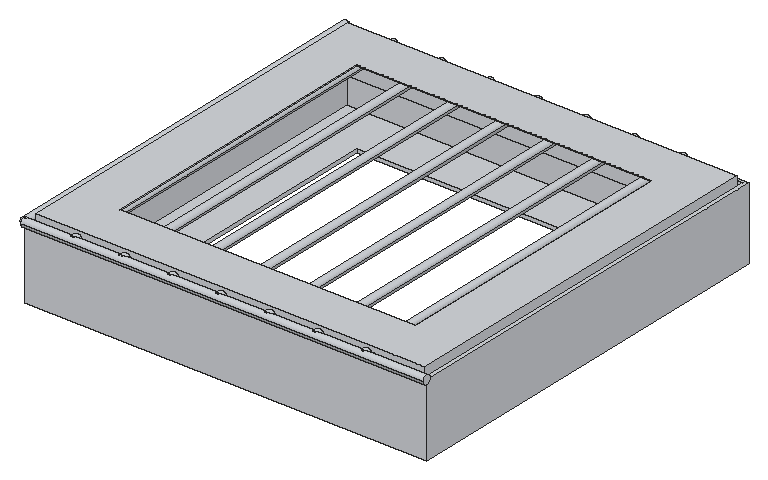
Revit family "Приямок 500х500х500", category Обобщенные модели, Revit 2021
Family settings
  Основа = Перекрытие
  Может служить основой для арматурных стержней = Нет
  Размер круглого соединителя = Использовать диаметр
  Тип детали = Нормальный
  Всегда вертикально = Да
  При загрузке вырезать с полостями = Да
  Общий = Нет
  Точка принадлежности помещению = Нет
Parameters
  Отметка по умолчанию = 0 mm
  ADSK_Размер_Ширина = 500 mm
  ADSK_Размер_Толщина [instance] = 300 mm
  ADSK_Размер_Длина = 500 mm
  ADSK_Размер_Высота = 500 mm
Reference planes
  plane 1 "По центру (Вперед/Назад)": y = 0
  plane 2: z = 0
  plane 3 "По центру (Влево/Вправо)": x = 0
  plane 4: x = -250
  plane 5: y = 250
  plane 6: x = 250
  plane 7: y = -250
  plane 8 "Подошва прияка": z = -500
Forms (mm)
  Extrusion 1, void
    sketch origin (0, 0, 0) x (1, 0, 0) y (0, 1, 0)
      loop
        line (-183.978, 183.978) -> (-183.978, -183.978) -> (183.978, -183.978) -> (183.978, 183.978) -> (-183.978, 183.978)
    from -300 to -90
  Extrusion 2, void
    sketch origin (0, 0, 0) x (1, 0, 0) y (0, 1, 0)
      loop
        line (-250, 250) -> (-250, -250) -> (250, -250) -> (250, 250) -> (-250, 250)
    from -90 to 0
  Extrusion 3, void
    sketch origin (0, 0, -210) x (1, 0, 0) y (0, 1, 0)
      loop
        line (-183.978, 183.978) -> (-183.978, -183.978) -> (183.978, -183.978) -> (183.978, 183.978) -> (-183.978, 183.978)
    from -290 to 210
Dimensions and locks
  equal spacing: plane 4, plane 3 "По центру (Влево/Вправо)", plane 6
  equal spacing: plane 7, plane 1 "По центру (Вперед/Назад)", plane 5
  "ADSK_Размер_Длина": plane 5 to plane 7
  "ADSK_Размер_Ширина": plane 4 to plane 6
  "ADSK_Размер_Толщина": host floor to host floor
  "ADSK_Размер_Высота": plane 2 to plane 8 "Подошва прияка"
  aligned and locked: level to plane 2
  aligned and locked: plane 2 to Extrusion 2
  aligned and locked: plane 6 to nested 1
  aligned and locked: plane 5 to nested 1
  aligned and locked: plane 4 to nested 1
  aligned and locked: plane 7 to nested 1
  aligned and locked: host floor to Extrusion 1
  aligned and locked: Extrusion 3 to plane 8 "Подошва прияка"
  aligned and locked: plane 2 to Extrusion 3
Automatic sketch dimensions
  Extrusion 1 sketch curve to plane 4 = 66.022 mm
  Extrusion 1 sketch curve to plane 6 = 66.022 mm
  plane 7 to Extrusion 1 sketch curve = 66.022 mm
  Extrusion 1 sketch curve to plane 5 = 66.022 mm
  Extrusion 2 sketch curve to plane 4 = 0 mm
  Extrusion 2 sketch curve to plane 6 = 0 mm
  Extrusion 2 sketch curve to plane 7 = 0 mm
  Extrusion 2 sketch curve to plane 5 = 0 mm
  Extrusion 3 sketch curve to plane 4 = 66.022 mm
  Extrusion 3 sketch curve to plane 6 = 66.022 mm
  plane 7 to Extrusion 3 sketch curve = 66.022 mm
  Extrusion 3 sketch curve to plane 5 = 66.022 mm
Nested families
  nested 1: "BRU_КрышкаПриямка1" at (0, 0, 0), type "BRU_КрышкаПриямка 500х500"
Definition of nested family "BRU_КрышкаПриямка1"
  Parameters (values of type "BRU_КрышкаПриямка 500х900")
    ШагСтержней = 60 mm
    Default Elevation = 0 mm
    КоличествоСтержнейШирина = BRU_Приямок_Ширина / ШагСтержней  # 15
    КоличествоСтержнейВГлубину = BRU_Приямок_Глубина / ШагСтержней  # 8
    BRU_Приямок_Ширина = 900 mm
    BRU_Приямок_Глубина = 500 mm
  Types (2, lengths in mm): name | КоличествоСтержнейШирина | BRU_Приямок_Ширина
    BRU_КрышкаПриямка 500х500 | 8 | 500
    BRU_КрышкаПриямка 500х900 | 15 | 900
  Reference planes
    plane 1 "По центру (Вперед/Назад)": y = 0
    plane 2: z = 0
    plane 3 "По центру (Влево/Вправо)": x = 0
    plane 4: x = -450
    plane 5: x = 450
    plane 6: y = 250
    plane 7: y = -250
    plane 8: x = -450
    plane 9: x = -390
    plane 10: x = -330
    plane 11: x = -270
    plane 12: x = -210
    plane 13: x = -150
    plane 14: x = -90
    plane 15: y = -250
    plane 16: x = -30
    plane 17: x = 30
    plane 18: x = 90
    plane 19: x = 150
    plane 20: x = 210
    plane 21: x = 270
    plane 22: x = 330
    plane 23: x = 390
  Forms (mm)
    Sweep 1, solid
      path origin (0, 0, 0) x (1, 0, 0) y (0, 1, 0)
        loop
          line (-450, 250) -> (-450, -250) -> (450, -250) -> (450, 250) -> (-450, 250)
      profile origin (0, 250, 0) x (0, 1, 0) y (0, 0, 1)
        loop
          line (0, 0) -> (-3.709, 0) -> (-3.709, -86.288) -> (-66.022, -86.288) -> (-66.022, -90) -> (0, -90) -> (0, 0)
        loop
          line (-7.776, -49.476) -> (-7.776, 8.191) -> (-66.022, 8.191) -> (-66.022, 6.505) -> (-9.29, 6.505) -> (-9.29, -49.476) -> (-7.776, -49.476)
        loop
          line (-11.349, 2.661) -> (-46.349, 2.661) -> (-46.349, 0) -> (-11.349, 0) -> (-11.349, 2.661)
  Dimensions and locks
    equal spacing: plane 4, plane 3 "По центру (Влево/Вправо)", plane 5
    "BRU_Приямок_Ширина": plane 4 to plane 5
    equal spacing: plane 6, plane 1 "По центру (Вперед/Назад)", plane 7
    "BRU_Приямок_Глубина": plane 6 to plane 7
    equal spacing: group 1, group 2, group 3, group 4, group 5, group 6, group 7, group 9, group 10, group 11, group 12, group 13, group 14, group 15, group 16  (x3)
    "ШагСтержней": plane 8 to plane 9
    plane 8 to plane 5 = 900 mm
    plane 6 to plane 7 = 500 mm
    aligned and locked: level to plane 2
    aligned and locked: Sweep 1 sketch curve to plane 6
    aligned and locked: Sweep 1 sketch curve to plane 4
    aligned and locked: plane 7 to Sweep 1 sketch curve
    aligned and locked: Sweep 1 sketch curve to plane 5
    aligned and locked: nested 1 to plane 8
    aligned and locked: nested 2 to plane 9
    aligned and locked: plane 4 to plane 8
    aligned and locked: plane 1 "По центру (Вперед/Назад)" to nested 1
    aligned and locked: plane 1 "По центру (Вперед/Назад)" to nested 2
    aligned and locked: nested 3 to plane 10
    aligned and locked: nested 4 to plane 11
    aligned and locked: nested 5 to plane 12
    aligned and locked: nested 6 to plane 13
    aligned and locked: nested 7 to plane 14
    aligned and locked: plane 15 to nested 8
    aligned and locked: plane 3 "По центру (Влево/Вправо)" to nested 8
    aligned and locked: plane 7 to plane 15
    aligned and locked: nested 9 to plane 16
    aligned and locked: nested 10 to plane 17
    aligned and locked: nested 11 to plane 18
    aligned and locked: nested 12 to plane 19
    aligned and locked: nested 13 to plane 20
    aligned and locked: nested 14 to plane 21
    aligned and locked: nested 15 to plane 22
    aligned and locked: nested 16 to plane 23
  Automatic sketch dimensions
    level to Sweep 1 sketch curve = 0 mm  (x2)
    Sweep 1 sketch curve to profile plane = 0 mm
    profile plane to Sweep 1 sketch curve = 3.709 mm
    profile plane to Sweep 1 sketch curve = 7.776 mm
    Sweep 1 sketch curve to Sweep 1 sketch curve = 1.514 mm
    Sweep 1 sketch curve to Sweep 1 sketch curve = 2.058 mm
    Sweep 1 sketch curve to Sweep 1 sketch curve = 35 mm
    level to Sweep 1 sketch curve = 6.505 mm
    Sweep 1 sketch curve to Sweep 1 sketch curve = 19.673 mm
    Sweep 1 sketch curve to Sweep 1 sketch curve = 0 mm
    Sweep 1 sketch curve to level = 49.476 mm
    Sweep 1 sketch curve to Sweep 1 sketch curve = 36.812 mm
    Sweep 1 sketch curve to Sweep 1 sketch curve = 3.712 mm
    level to Sweep 1 sketch curve = 2.661 mm
    Sweep 1 sketch curve to Sweep 1 sketch curve = 1.686 mm
  Nested families
    nested 1: "Семейство1" at (-450, 0, 0), type "Горизонтальные2"
      with ДлинаСтержня 500 mm
    nested 2: "Семейство1" at (-390, 0, 0), type "Горизонтальные2"
      with ДлинаСтержня 500 mm
    nested 3: "Семейство1" at (-330, 0, 0), type "Горизонтальные2"
      with ДлинаСтержня 500 mm
    nested 4: "Семейство1" at (-270, 0, 0), type "Горизонтальные2"
      with ДлинаСтержня 500 mm
    nested 5: "Семейство1" at (-210, 0, 0), type "Горизонтальные2"
      with ДлинаСтержня 500 mm
    nested 6: "Семейство1" at (-150, 0, 0), type "Горизонтальные2"
      with ДлинаСтержня 500 mm
    nested 7: "Семейство1" at (-90, 0, 0), type "Горизонтальные2"
      with ДлинаСтержня 500 mm
    nested 8: "Семейство1" at (0, -250, 0) x (0, 1, 0) z (0, 0, 1), type "Горизонтальные1"
      with ДлинаСтержня 900 mm
    nested 9: "Семейство1" at (-30, 0, 0), type "Горизонтальные2"
      with ДлинаСтержня 500 mm
    nested 10: "Семейство1" at (30, 0, 0), type "Горизонтальные2"
      with ДлинаСтержня 500 mm
    nested 11: "Семейство1" at (90, 0, 0), type "Горизонтальные2"
      with ДлинаСтержня 500 mm
    nested 12: "Семейство1" at (150, 0, 0), type "Горизонтальные2"
      with ДлинаСтержня 500 mm
    nested 13: "Семейство1" at (210, 0, 0), type "Горизонтальные2"
      with ДлинаСтержня 500 mm
    nested 14: "Семейство1" at (270, 0, 0), type "Горизонтальные2"
      with ДлинаСтержня 500 mm
    nested 15: "Семейство1" at (330, 0, 0), type "Горизонтальные2"
      with ДлинаСтержня 500 mm
    nested 16: "Семейство1" at (390, 0, 0), type "Горизонтальные2"
      with ДлинаСтержня 500 mm
  Definition of nested family "Семейство1"
    Parameters
      Default Elevation = 0 mm
      ДлинаСтержня = 3680 mm
    Reference planes
      plane 1 "По центру (Вперед/Назад)": y = 0
      plane 2: z = 0
      plane 3 "По центру (Влево/Вправо)": x = 0
      plane 4: y = 1840
      plane 5: y = -1840
    Forms (mm)
      Extrusion 1, solid
        sketch origin (0, 0, 0) x (1, 0, 0) y (0, 0, 1)
          loop
            circle (0, 0) r 5
        from -1840 to 1840
    Dimensions and locks
      equal spacing: plane 5, plane 1 "По центру (Вперед/Назад)", plane 4
      "ДлинаСтержня": plane 4 to plane 5
      aligned and locked: level to plane 2
      aligned and locked: plane 4 to Extrusion 1
      aligned and locked: Extrusion 1 to plane 5
    Automatic sketch dimensions
      Extrusion 1 sketch curve to level = 0 mm
      Extrusion 1 sketch curve to plane 3 "По центру (Влево/Вправо)" = 0 mm
      radius of Extrusion 1 sketch curve = 5 mm
